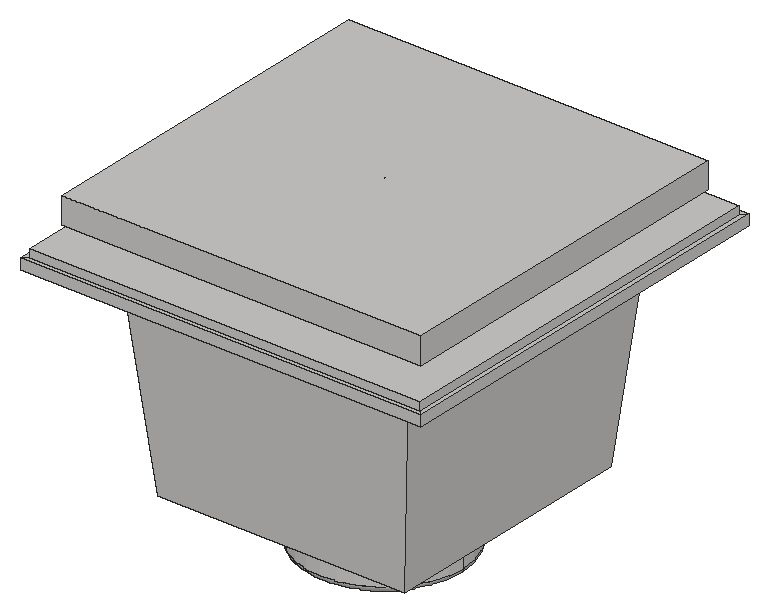
Revit family (continued)
Automatic sketch dimensions
  curve 565 to curve 560 = 0.36111"
  curve 485 to curve 482 = 0.36111"  (x2)
  curve 297 to curve 268 = 0.36111"
  curve 317 to curve 288 = 0.36111"
  curve 262 to curve 262 = 1/2"
  curve 266 to curve 265 = 1/2"  (x2)
  curve 258 to curve 257 = 1/2"
  curve 483 to curve 484 = 1/2"
  curve 270 to curve 269 = 1/2"
  curve 558 to curve 557 = 1/2"
  curve 562 to curve 561 = 1/2"  (x2)
  curve 274 to curve 273 = 1/2"  (x2)
  curve 439 to curve 440 = 1/2"
  curve 614 to curve 613 = 1/2"
  curve 278 to curve 277 = 1/2"  (x2)
  curve 282 to curve 281 = 1/2"  (x2)
  curve 394 to curve 393 = 1/2"
  curve 287 to curve 288 = 1/2"
  curve 393 to curve 392 = 0.36111"
  curve 481 to curve 479 = 0.36111"
  curve 265 to curve 234 = 0.36111"  (x2)
  curve 257 to curve 228 = 0.36111"
  curve 285 to curve 256 = 0.36111"
  curve 269 to curve 238 = 0.36111"  (x2)
  curve 557 to curve 550 = 0.36111"  (x2)
  curve 281 to curve 252 = 0.36111"
  curve 437 to curve 436 = 0.36111"
  curve 561 to curve 554 = 0.36111"  (x2)
  curve 613 to curve 612 = 0.36111"
  curve 277 to curve 248 = 0.36111"
  curve 273 to curve 242 = 0.36111"  (x2)
  curve 246 to curve 245 = 1/2"
  curve 242 to curve 242 = 1/2"
  curve 239 to curve 240 = 1/2"
  curve 610 to curve 609 = 1/2"  (x2)
  curve 555 to curve 556 = 1/2"
  curve 250 to curve 249 = 1/2"
  curve 434 to curve 433 = 1/2"
  curve 226 to curve 225 = 1/2"
  curve 551 to curve 552 = 1/2"
  curve 254 to curve 253 = 1/2"  (x2)
  curve 235 to curve 236 = 1/2"
  curve 230 to curve 229 = 1/2"
  curve 390 to curve 389 = 1/2"  (x2)
  curve 479 to curve 480 = 1/2"
  curve 245 to curve 216 = 0.36111"
  curve 549 to curve 542 = 0.36111"  (x2)
  curve 237 to curve 206 = 0.36111"
  curve 609 to curve 608 = 0.36111"
  curve 253 to curve 224 = 0.36111"
  curve 553 to curve 546 = 0.36111"  (x2)
  curve 225 to curve 194 = 0.36111"  (x2)
  curve 229 to curve 200 = 0.36111"
  curve 477 to curve 474 = 0.36111"  (x2)
  curve 249 to curve 218 = 0.36111"
  curve 222 to curve 221 = 1/2"  (x2)
  curve 219 to curve 220 = 1/2"
  curve 195 to curve 196 = 1/2"
  curve 475 to curve 476 = 1/2"
  curve 198 to curve 197 = 1/2"
  curve 386 to curve 386 = 1/2"
  curve 202 to curve 201 = 1/2"  (x2)
  curve 214 to curve 214 = 1/2"
  curve 547 to curve 548 = 1/2"
  curve 211 to curve 212 = 1/2"
  curve 542 to curve 541 = 1/2"
  curve 606 to curve 605 = 1/2"
  curve 207 to curve 208 = 1/2"
  curve 431 to curve 432 = 1/2"
  curve 205 to curve 176 = 0.36111"
  curve 429 to curve 428 = 0.36111"
  curve 193 to curve 162 = 0.36111"
  curve 213 to curve 182 = 0.36111"
  curve 473 to curve 472 = 0.36111"
  curve 197 to curve 166 = 0.36111"
  curve 385 to curve 384 = 0.36111"
  curve 221 to curve 192 = 0.36111"
  curve 217 to curve 186 = 0.36111"
  curve 545 to curve 540 = 0.36111"
  curve 541 to curve 534 = 0.36111"
  curve 538 to curve 537 = 1/2"
  curve 535 to curve 536 = 1/2"
  curve 190 to curve 190 = 1/2"
  curve 603 to curve 604 = 1/2"
  curve 187 to curve 188 = 1/2"
  curve 183 to curve 184 = 1/2"
  curve 470 to curve 469 = 1/2"
  curve 174 to curve 173 = 1/2"
  curve 382 to curve 382 = 1/2"
  curve 171 to curve 172 = 1/2"
  curve 167 to curve 168 = 1/2"
  curve 163 to curve 164 = 1/2"
  curve 179 to curve 180 = 1/2"
  curve 426 to curve 425 = 1/2"
  curve 165 to curve 136 = 0.36111"  (x2)
  curve 381 to curve 380 = 0.36111"
  curve 189 to curve 158 = 0.36111"
  curve 425 to curve 424 = 0.36111"
  curve 161 to curve 132 = 0.36111"  (x2)
  curve 169 to curve 140 = 0.36111"  (x2)
  curve 173 to curve 142 = 0.36111"
  curve 537 to curve 532 = 0.36111"
  curve 185 to curve 156 = 0.36111"  (x2)
  curve 177 to curve 146 = 0.36111"
  curve 181 to curve 152 = 0.36111"
  curve 601 to curve 600 = 0.36111"
  curve 533 to curve 526 = 0.36111"
  curve 469 to curve 468 = 0.36111"
  curve 466 to curve 466 = 1/2"  (x2)
  curve 530 to curve 529 = 1/2"
  curve 150 to curve 149 = 1/2"  (x2)
  curve 527 to curve 528 = 1/2"  (x2)
  curve 138 to curve 138 = 1/2"
  curve 598 to curve 597 = 1/2"
  curve 159 to curve 160 = 1/2"
  curve 147 to curve 148 = 1/2"
  curve 154 to curve 153 = 1/2"  (x2)
  curve 143 to curve 144 = 1/2"
  curve 378 to curve 378 = 1/2"  (x2)
  curve 130 to curve 129 = 1/2"  (x2)
  curve 422 to curve 421 = 1/2"
  curve 134 to curve 133 = 1/2"  (x2)
  curve 377 to curve 376 = 0.36111"
  curve 129 to curve 98 = 0.36111"
  curve 597 to curve 596 = 0.36111"
  curve 465 to curve 462 = 0.36111"
  curve 157 to curve 127 = 0.36111"  (x2)
  curve 153 to curve 124 = 0.36111"
  curve 133 to curve 102 = 0.36111"
  curve 149 to curve 120 = 0.36111"
  curve 137 to curve 106 = 0.36111"
  curve 145 to curve 116 = 0.36111"
  curve 141 to curve 110 = 0.36111"  (x2)
  curve 529 to curve 524 = 0.36111"
  curve 525 to curve 518 = 0.36111"
  curve 522 to curve 521 = 1/2"
  curve 518 to curve 518 = 1/2"
  curve 115 to curve 113 = 1/2"
  curve 111 to curve 112 = 1/2"  (x2)
  curve 118 to curve 117 = 1/2"  (x2)
  curve 107 to curve 108 = 1/2"
  curve 419 to curve 420 = 1/2"
  curve 103 to curve 104 = 1/2"  (x2)
  curve 122 to curve 121 = 1/2"
  curve 374 to curve 373 = 1/2"  (x2)
  curve 126 to curve 125 = 1/2"
  curve 463 to curve 464 = 1/2"  (x2)
  curve 594 to curve 593 = 1/2"  (x2)
  curve 99 to curve 100 = 1/2"  (x2)
  curve 521 to curve 516 = 0.36111"
  curve 121 to curve 91 = 0.36111"  (x2)
  curve 117 to curve 86 = 0.36111"
  curve 125 to curve 94 = 0.36111"
  curve 113 to curve 84 = 0.36111"  (x2)
  curve 461 to curve 458 = 0.36111"
  curve 109 to curve 80 = 0.36111"  (x2)
  curve 373 to curve 372 = 0.36111"
  curve 593 to curve 592 = 0.36111"  (x2)
  curve 97 to curve 68 = 0.36111"
  curve 517 to curve 510 = 0.36111"
  curve 105 to curve 76 = 0.36111"  (x2)
  curve 101 to curve 72 = 0.36111"
  curve 66 to curve 65 = 1/2"  (x2)
  curve 87 to curve 88 = 1/2"
  curve 515 to curve 516 = 1/2"
  curve 70 to curve 70 = 1/2"
  curve 74 to curve 73 = 1/2"  (x2)
  curve 511 to curve 512 = 1/2"
  curve 78 to curve 77 = 1/2"  (x2)
  curve 590 to curve 589 = 1/2"  (x2)
  curve 370 to curve 369 = 1/2"  (x2)
  curve 415 to curve 416 = 1/2"
  curve 459 to curve 460 = 1/2"
  curve 82 to curve 81 = 1/2"  (x2)
  curve 95 to curve 96 = 1/2"
  curve 91 to curve 92 = 1/2"
  curve 93 to curve 32 = 0.36111"
  curve 513 to curve 499 = 0.36111"
  curve 509 to curve 496 = 0.36111"
  curve 589 to curve 584 = 0.36111"
  curve 89 to curve 28 = 0.36111"
  curve 77 to curve 16 = 0.36111"  (x2)
  curve 65 to curve 2 = 0.36111"
  curve 73 to curve 12 = 0.36111"  (x2)
  curve 81 to curve 18 = 0.36111"
  curve 457 to curve 452 = 0.36111"
  curve 69 to curve 6 = 0.36111"
  curve 85 to curve 22 = 0.36111"
  curve 413 to curve 406 = 0.36111"
  curve 407 to curve 408 = 1/2"
  curve 23 to curve 24 = 1/2"
  curve 10 to curve 9 = 1/2"  (x2)
  curve 450 to curve 449 = 1/2"  (x2)
  curve 7 to curve 8 = 1/2"
  curve 582 to curve 581 = 1/2"
  curve 19 to curve 20 = 1/2"
  curve 27 to curve 25 = 1/2"
  curve 494 to curve 493 = 1/2"
  curve 363 to curve 364 = 1/2"  (x2)
  curve 14 to curve 13 = 1/2"  (x2)
  curve 3 to curve 4 = 1/2"
  curve 30 to curve 29 = 1/2"  (x2)
  curve 498 to curve 497 = 1/2"
  curve 449 to curve 492 = 0.36111"
  curve 17 to curve 346 = 0.36111"  (x2)
  curve 405 to curve 448 = 0.36111"
  curve 13 to curve 344 = 0.36111"
  curve 493 to curve 574 = 0.36111"
  curve 9 to curve 340 = 0.36111"  (x2)
  curve 497 to curve 578 = 0.36111"
  curve 361 to curve 404 = 0.36111"  (x2)
  curve 29 to curve 360 = 0.36111"
  curve 581 to curve 622 = 0.36111"
  curve 25 to curve 356 = 0.36111"
  curve 5 to curve 336 = 0.36111"
  curve 335 to curve 333 = 1/2"
  curve 331 to curve 332 = 1/2"  (x2)
  curve 338 to curve 337 = 1/2"
  curve 579 to curve 580 = 1/2"
  curve 342 to curve 341 = 1/2"
  curve 575 to curve 576 = 1/2"
  curve 346 to curve 345 = 1/2"
  curve 491 to curve 492 = 1/2"  (x2)
  curve 350 to curve 349 = 1/2"
  curve 447 to curve 448 = 1/2"  (x2)
  curve 354 to curve 353 = 1/2"
  curve 403 to curve 404 = 1/2"
  curve 359 to curve 360 = 1/2"  (x2)
  curve 622 to curve 621 = 1/2"  (x2)
  curve 349 to curve 680 = 0.36111"
  curve 357 to curve 686 = 0.36111"
  curve 345 to curve 676 = 0.36111"
  curve 401 to curve 726 = 0.36111"
  curve 341 to curve 672 = 0.36111"
  curve 621 to curve 788 = 0.36111"
  curve 337 to curve 668 = 0.36111"
  curve 577 to curve 772 = 0.36111"
  curve 333 to curve 664 = 0.36111"
  curve 573 to curve 768 = 0.36111"
  curve 329 to curve 660 = 0.36111"
  curve 489 to curve 752 = 0.36111"
  curve 750 to curve 749 = 1/2"
  curve 738 to curve 738 = 1/2"
  curve 658 to curve 657 = 1/2"
  curve 766 to curve 765 = 1/2"  (x2)
  curve 662 to curve 661 = 1/2"  (x2)
  curve 770 to curve 769 = 1/2"  (x2)
  curve 666 to curve 665 = 1/2"  (x2)
  curve 786 to curve 785 = 1/2"
  curve 670 to curve 669 = 1/2"
  curve 727 to curve 728 = 1/2"
  curve 674 to curve 673 = 1/2"
  curve 687 to curve 688 = 1/2"
  curve 678 to curve 677 = 1/2"
  curve 683 to curve 684 = 1/2"
  curve 673 to curve 644 = 0.36111"
  curve 657 to curve 626 = 0.36111"
  curve 737 to curve 735 = 0.36111"  (x2)
  curve 685 to curve 656 = 0.36111"
  curve 661 to curve 630 = 0.36111"  (x2)
  curve 681 to curve 652 = 0.36111"
  curve 665 to curve 634 = 0.36111"
  curve 765 to curve 758 = 0.36111"  (x2)
  curve 785 to curve 784 = 0.36111"
  curve 769 to curve 762 = 0.36111"  (x2)
  curve 677 to curve 648 = 0.36111"
  curve 647 to curve 645 = 1/2"
  curve 643 to curve 644 = 1/2"  (x2)
  curve 763 to curve 764 = 1/2"
  curve 782 to curve 781 = 1/2"  (x2)
  curve 759 to curve 760 = 1/2"
  curve 639 to curve 640 = 1/2"  (x2)
  curve 650 to curve 649 = 1/2"
  curve 635 to curve 636 = 1/2"  (x2)
  curve 747 to curve 748 = 1/2"
  curve 723 to curve 724 = 1/2"
  curve 654 to curve 653 = 1/2"
  curve 631 to curve 632 = 1/2"  (x2)
  curve 735 to curve 736 = 1/2"
  curve 627 to curve 628 = 1/2"  (x2)
  curve 733 to curve 742 = 0.36111"
  curve 625 to curve 690 = 0.36111"  (x2)
  curve 745 to curve 754 = 0.36111"
  curve 629 to curve 694 = 0.36111"  (x2)
  curve 633 to curve 698 = 0.36111"
  curve 637 to curve 702 = 0.36111"
  curve 781 to curve 790 = 0.36111"
  curve 641 to curve 706 = 0.36111"  (x2)
  curve 721 to curve 732 = 0.36111"
  curve 645 to curve 710 = 0.36111"  (x2)
  curve 653 to curve 720 = 0.36111"  (x2)
  curve 649 to curve 716 = 0.36111"
  curve 715 to curve 713 = 1/2"
  curve 742 to curve 741 = 1/2"  (x2)
  curve 691 to curve 689 = 1/2"
  curve 718 to curve 717 = 1/2"
  curve 694 to curve 693 = 1/2"
  curve 730 to curve 729 = 1/2"  (x2)
  curve 711 to curve 712 = 1/2"  (x2)
  curve 791 to curve 792 = 1/2"
  curve 707 to curve 708 = 1/2"
  curve 779 to curve 780 = 1/2"
  curve 703 to curve 704 = 1/2"
  curve 775 to curve 776 = 1/2"
  curve 699 to curve 700 = 1/2"
  curve 755 to curve 756 = 1/2"
  curve 753 to curve 326 = 0.87284"
  curve 325 to curve 321 = 0.45851"
  curve 941 to curve 935 = 0.36111"
  curve 871 to curve 871 = 1/2"
  curve 878 to curve 879 = 1/2"  (x2)
  curve 887 to curve 887 = 1/2"
  curve 898 to curve 900 = 1/2"
  curve 923 to curve 327 = 0.80115"
  curve 326 to curve 911 = 2.19954"
  curve 898 to curve 910 = 1.07143"
  curve 888 to curve 898 = 1.64286"
  curve 922 to curve 911 = 0.57143"
  curve 884 to curve 886 = 0.57143"
  curve 880 to curve 882 = 0.57143"
  curve 327 to curve 948 = 3.25654"
  curve 944 to curve 946 = 0.57143"
  curve 875 to curve 878 = 1.07143"
  curve 872 to curve 874 = 0.57143"
  curve 868 to curve 870 = 0.57143"
  curve 864 to curve 898 = 0.57143"
  curve 860 to curve 866 = 0.57143"
  curve 958 to curve 942 = 1.07143"
  curve 322 to plane 3 "Center (Left/Right)" = 8.08773"
  curve 322 to curve 328 = 83/256"
  curve 327 to curve 959 = 0.56106"
  curve 955 to curve 957 = 0"
  curve 585 to curve 953 = 0"
  curve 951 to curve 953 = 0"
  curve 589 to curve 582 = 0"
  curve 593 to curve 590 = 0"
  curve 597 to curve 594 = 0"
  curve 601 to curve 598 = 0"
  curve 605 to curve 602 = 0"
  curve 609 to curve 606 = 0"
  curve 613 to curve 610 = 0"
  curve 617 to curve 614 = 0"
  curve 618 to curve 585 = 0"
  curve 622 to curve 581 = 0"
  curve 785 to curve 782 = 0"
  curve 786 to curve 621 = 0"
  curve 789 to curve 781 = 0"
  curve 956 to curve 957 = 0"
  curve 606 to curve 608 = 1/2"
  curve 612 to curve 608 = 0"
  curve 613 to curve 611 = 0"
  curve 790 to curve 792 = 1/2"
  curve 617 to curve 615 = 0"
  curve 604 to curve 605 = 0"
  curve 786 to curve 788 = 1/2"
  curve 784 to curve 785 = 0"
  curve 621 to curve 787 = 0"
  curve 600 to curve 601 = 0"
  curve 596 to curve 597 = 0"
  curve 592 to curve 593 = 0"
  curve 586 to curve 588 = 1/2"
  curve 949 to curve 587 = 0"
  curve 951 to curve 956 = 0"
  curve 584 to curve 589 = 0"
  curve 574 to curve 767 = 0"
  curve 559 to curve 565 = 0"
  curve 759 to curve 765 = 0"
  curve 551 to curve 557 = 0"
  curve 774 to curve 758 = 0"
  curve 543 to curve 549 = 0"
  curve 535 to curve 541 = 0"
  curve 527 to curve 533 = 0"
  curve 519 to curve 525 = 0"
  curve 511 to curve 517 = 0"
  curve 927 to curve 933 = 0"
  curve 934 to curve 941 = 0"
  curve 503 to curve 926 = 0"
  curve 502 to curve 566 = 0"
  curve 495 to curve 509 = 0"
  curve 494 to curve 574 = 0"
  curve 941 to curve 935 = 0"
  curve 544 to curve 552 = 0"
  curve 942 to curve 943 = 1/2"
  curve 509 to curve 495 = 0"
  curve 557 to curve 551 = 0"
  curve 536 to curve 541 = 0"
  curve 525 to curve 519 = 0"
  curve 501 to curve 501 = 1/2"
  curve 565 to curve 559 = 0"
  curve 567 to curve 501 = 0"
  curve 503 to curve 925 = 0"
  curve 757 to curve 775 = 0"
  curve 527 to curve 536 = 0"
  curve 512 to curve 517 = 0"
  curve 575 to curve 493 = 0"
  curve 768 to curve 573 = 0"
  curve 769 to curve 762 = 0"
  curve 770 to curve 577 = 0"
  curve 779 to curve 761 = 0"
  curve 943 to curve 947 = 0.57143"
  curve 523 to curve 529 = 0"
  curve 537 to curve 530 = 0"
  curve 563 to curve 569 = 0"
  curve 499 to curve 513 = 0"
  curve 498 to curve 578 = 0"
  curve 555 to curve 561 = 0"
  curve 514 to curve 521 = 0"
  curve 939 to curve 945 = 0"
  curve 938 to curve 930 = 0"
  curve 545 to curve 538 = 0"
  curve 546 to curve 553 = 0"
  curve 553 to curve 548 = 0"
  curve 540 to curve 545 = 0"
  curve 770 to curve 772 = 1/2"
  curve 561 to curve 555 = 0"
  curve 569 to curve 563 = 0"
  curve 571 to curve 508 = 0"
  curve 532 to curve 537 = 0"
  curve 577 to curve 771 = 0"
  curve 764 to curve 769 = 0"
  curve 946 to curve 948 = 1/2"
  curve 498 to curve 500 = 1/2"
  curve 513 to curve 500 = 0"
  curve 524 to curve 529 = 0"
  curve 930 to curve 931 = 1/2"
  curve 932 to curve 507 = 0"
  curve 940 to curve 945 = 0"
  curve 516 to curve 521 = 0"
  curve 505 to curve 34 = 0.57143"
  curve 793 to curve 34 = 0"
  curve 163 to curve 193 = 0"
  curve 131 to curve 161 = 0"
  curve 825 to curve 794 = 0"
  curve 225 to curve 194 = 0"
  curve 627 to curve 657 = 0"
  curve 626 to curve 690 = 0"
  curve 97 to curve 66 = 0"
  curve 98 to curve 129 = 0"
  curve 857 to curve 826 = 0"
  curve 331 to curve 1 = 0"
  curve 330 to curve 658 = 0"
  curve 3 to curve 65 = 0"
  curve 291 to curve 33 = 0"
  curve 259 to curve 289 = 0"
  curve 258 to curve 226 = 0"
  curve 226 to curve 228 = 1/2"
  curve 130 to curve 132 = 1/2"
  curve 332 to curve 1 = 0"
  curve 659 to curve 329 = 0"
  curve 796 to curve 825 = 0"
  curve 65 to curve 3 = 0"
  curve 257 to curve 227 = 0"
  curve 161 to curve 131 = 0"
  curve 33 to curve 33 = 1/2"
  curve 35 to curve 793 = 0"
  curve 857 to curve 827 = 0"
  curve 292 to curve 33 = 0"
  curve 100 to curve 129 = 0"
  curve 689 to curve 689 = 1/2"
  curve 628 to curve 657 = 0"
  curve 196 to curve 225 = 0"
  curve 633 to curve 698 = 0"
  curve 339 to curve 9 = 0"
  curve 106 to curve 137 = 0"
  curve 233 to curve 202 = 0"
  curve 266 to curve 234 = 0"
  curve 802 to curve 42 = 0"
  curve 297 to curve 266 = 0"
  curve 665 to curve 634 = 0"
  curve 298 to curve 41 = 0"
  curve 666 to curve 337 = 0"
  curve 833 to curve 802 = 0"
  curve 834 to curve 865 = 0"
  curve 75 to curve 105 = 0"
  curve 171 to curve 201 = 0"
  curve 170 to curve 138 = 0"
  curve 73 to curve 10 = 0"
  curve 201 to curve 204 = 1/2"
  curve 634 to curve 635 = 1/2"
  curve 169 to plane 1 "Center (Front/Back)" = 0.22889"
  curve 666 to curve 668 = 1/2"
  curve 171 to curve 204 = 0"
  curve 106 to curve 108 = 1/2"
  curve 801 to curve 44 = 0"
  curve 300 to curve 44 = 0"
  curve 234 to curve 236 = 1/2"
  curve 265 to curve 235 = 0"
  curve 12 to curve 73 = 0"
  curve 267 to curve 297 = 0"
  curve 803 to curve 833 = 0"
  curve 140 to curve 169 = 0"
  curve 865 to curve 835 = 0"
  curve 337 to curve 667 = 0"
  curve 339 to curve 12 = 0"
  curve 700 to curve 633 = 0"
  curve 633 to curve 638 = 0.57143"
  curve 13 to curve 342 = 0"
  curve 237 to curve 207 = 0"
  curve 669 to curve 638 = 0"
  curve 837 to curve 806 = 0"
  curve 670 to curve 341 = 0"
  curve 46 to curve 805 = 0"
  curve 269 to curve 238 = 0"
  curve 111 to curve 141 = 0"
  curve 270 to curve 301 = 0"
  curve 175 to curve 205 = 0"
  curve 174 to curve 142 = 0"
  curve 702 to curve 637 = 0"
  curve 303 to curve 45 = 0"
  curve 77 to curve 14 = 0"
  curve 78 to curve 109 = 0"
  curve 870 to curve 838 = 0"
  curve 301 to curve 301 = 1/2"
  curve 870 to curve 871 = 1/2"
  curve 702 to curve 704 = 1/2"
  curve 173 to curve 144 = 0"
  curve 840 to curve 869 = 0"
  curve 272 to curve 301 = 0"
  curve 109 to curve 79 = 0"
  curve 111 to curve 144 = 0"
  curve 205 to curve 175 = 0"
  curve 46 to curve 48 = 1/2"
  curve 207 to curve 237 = 0"
  curve 16 to curve 77 = 0"
  curve 808 to curve 837 = 0"
  curve 341 to curve 671 = 0"
  curve 637 to curve 703 = 0"
  curve 343 to curve 13 = 0"
  curve 639 to curve 669 = 0"
  curve 673 to curve 642 = 0"
  curve 242 to curve 210 = 0"
  curve 706 to curve 641 = 0"
  curve 273 to curve 242 = 0"
  curve 82 to curve 18 = 0"
  curve 179 to curve 209 = 0"
  curve 113 to curve 82 = 0"
  curve 305 to curve 274 = 0"
  curve 306 to curve 49 = 0"
  curve 347 to curve 17 = 0"
  curve 346 to curve 674 = 0"
  curve 809 to curve 50 = 0"
  curve 843 to curve 873 = 0"
  curve 147 to curve 177 = 0"
  curve 146 to curve 114 = 0"
  curve 841 to curve 810 = 0"
  curve 812 to plane 3 "Center (Left/Right)" = 0.27387"
  curve 147 to plane 3 "Center (Left/Right)" = 0.27387"
  curve 843 to plane 3 "Center (Left/Right)" = 0.27387"
  curve 308 to plane 3 "Center (Left/Right)" = 0.27387"
  curve 345 to plane 3 "Center (Left/Right)" = 0.27387"
  curve 116 to plane 3 "Center (Left/Right)" = 0.27387"
  curve 873 to plane 3 "Center (Left/Right)" = 0.27387"
  curve 49 to plane 3 "Center (Left/Right)" = 0.27387"
  curve 179 to plane 3 "Center (Left/Right)" = 0.27387"
  curve 276 to plane 3 "Center (Left/Right)" = 0.27387"
  curve 81 to plane 3 "Center (Left/Right)" = 0.27387"
  curve 708 to plane 3 "Center (Left/Right)" = 0.27387"
  curve 20 to plane 3 "Center (Left/Right)" = 0.27387"
  curve 676 to plane 3 "Center (Left/Right)" = 0.27387"
  curve 209 to plane 3 "Center (Left/Right)" = 0.27387"
  curve 644 to plane 3 "Center (Left/Right)" = 0.27387"
  curve 244 to plane 3 "Center (Left/Right)" = 0.27387"
  plane 3 "Center (Left/Right)" to curve 878 = 0.29756"
  plane 3 "Center (Left/Right)" to curve 246 = 0.29756"
  plane 3 "Center (Left/Right)" to curve 277 = 0.29756"
  plane 3 "Center (Left/Right)" to curve 846 = 0.29756"
  plane 3 "Center (Left/Right)" to curve 87 = 0.29756"
  plane 3 "Center (Left/Right)" to curve 150 = 0.29756"
  plane 3 "Center (Left/Right)" to curve 310 = 0.29756"
  plane 3 "Center (Left/Right)" to curve 351 = 0.29756"
  plane 3 "Center (Left/Right)" to curve 647 = 0.29756"
  plane 3 "Center (Left/Right)" to curve 813 = 0.29756"
  plane 3 "Center (Left/Right)" to curve 55 = 0.29756"
  plane 3 "Center (Left/Right)" to curve 677 = 0.29756"
  plane 3 "Center (Left/Right)" to curve 182 = 0.29756"
  plane 3 "Center (Left/Right)" to curve 119 = 0.29756"
  plane 3 "Center (Left/Right)" to curve 215 = 0.29756"
  plane 3 "Center (Left/Right)" to curve 710 = 0.29756"
  plane 3 "Center (Left/Right)" to curve 23 = 0.29756"
  curve 21 to curve 21 = 1/2"
  curve 646 to curve 648 = 1/2"
  curve 88 to curve 23 = 0"
  curve 352 to curve 21 = 0"
  curve 712 to curve 648 = 0"
  curve 215 to curve 245 = 0"
  curve 119 to curve 149 = 0"
  curve 247 to curve 280 = 0"
  curve 150 to curve 151 = 1/2"
  curve 309 to curve 279 = 0"
  curve 311 to curve 53 = 0"
  curve 184 to curve 213 = 0"
  curve 54 to curve 56 = 1/2"
  curve 680 to curve 349 = 0"
  curve 813 to curve 56 = 0"
  curve 816 to curve 845 = 0"
  curve 818 to curve 850 = 0"
  curve 57 to curve 315 = 0"
  curve 58 to curve 817 = 0"
  curve 185 to plane 1 "Center (Front/Back)" = 0.22889"
  curve 250 to curve 219 = 0"
  curve 155 to curve 185 = 0"
  curve 154 to curve 123 = 0"
  curve 122 to curve 91 = 0"
  curve 218 to curve 186 = 0"
  curve 283 to curve 313 = 0"  (x2)
  curve 282 to curve 250 = 0"
  curve 353 to curve 682 = 0"
  curve 27 to curve 89 = 0"
  curve 649 to curve 714 = 0"
  curve 650 to curve 681 = 0"
  curve 882 to curve 850 = 0"
  curve 26 to curve 354 = 0"
  curve 882 to curve 883 = 1/2"
  curve 58 to curve 59 = 1/2"
  curve 681 to curve 651 = 0"
  curve 124 to curve 153 = 0"
  curve 185 to curve 155 = 0"
  curve 186 to curve 187 = 1/2"
  curve 713 to curve 713 = 1/2"
  curve 715 to curve 649 = 0"
  curve 356 to curve 25 = 0"
  curve 217 to curve 187 = 0"
  curve 849 to curve 819 = 0"
  curve 252 to curve 281 = 0"
  curve 851 to curve 881 = 0"
  curve 89 to curve 27 = 0"
  curve 91 to curve 121 = 0"
  curve 94 to curve 30 = 0"
  curve 353 to curve 358 = 0.57143"
  plane 1 "Center (Front/Back)" to curve 191 = 0.27111"
  curve 190 to curve 159 = 0"
  curve 687 to curve 357 = 0"
  curve 63 to curve 822 = 0"
  curve 62 to curve 318 = 0"
  curve 854 to curve 822 = 0"
  curve 221 to curve 190 = 0"
  curve 222 to curve 253 = 0"
  curve 287 to curve 317 = 0"
  curve 286 to curve 254 = 0"
  curve 883 to curve 887 = 0.57143"
  curve 125 to curve 94 = 0"
  curve 886 to curve 854 = 0"
  curve 126 to curve 157 = 0"
  curve 655 to curve 685 = 0"
  curve 654 to curve 718 = 0"
  curve 189 to plane 1 "Center (Front/Back)" = 0.22889"
  curve 189 to curve 189 = 1/2"
  curve 718 to curve 719 = 1/2"
  curve 653 to curve 719 = 0"
  curve 29 to curve 29 = 1/2"
  curve 255 to curve 285 = 0"
  curve 157 to curve 127 = 0"
  curve 192 to curve 221 = 0"
  curve 159 to curve 189 = 0"
  curve 855 to curve 885 = 0"
  curve 359 to curve 29 = 0"
  curve 256 to curve 223 = 0"
  curve 320 to curve 287 = 0"
  curve 62 to curve 63 = 1/2"
  curve 821 to curve 63 = 0"
  curve 824 to curve 853 = 0"
  curve 688 to curve 357 = 0"
  curve 32 to curve 93 = 0"
  curve 319 to curve 294 = 0.57143"
  curve 263 to curve 294 = 0"
  curve 37 to curve 294 = 0"
  curve 69 to curve 7 = 0"
  curve 38 to curve 798 = 0"
  curve 694 to curve 629 = 0"
  curve 829 to curve 798 = 0"
  curve 6 to curve 334 = 0"
  curve 102 to curve 70 = 0"
  plane 1 "Center (Front/Back)" to curve 167 = 0.27111"
  curve 663 to curve 333 = 0"
  curve 662 to curve 630 = 0"
  curve 197 to curve 166 = 0"
  curve 198 to curve 229 = 0"
  curve 133 to curve 102 = 0"
  curve 134 to curve 165 = 0"
  curve 262 to curve 230 = 0"
  curve 861 to curve 830 = 0"
  curve 70 to curve 72 = 1/2"
  curve 694 to curve 696 = 1/2"
  curve 797 to curve 797 = 1/2"
  curve 261 to curve 264 = 1/2"
  curve 799 to curve 829 = 0"
  curve 39 to curve 797 = 0"
  curve 168 to curve 197 = 0"
  curve 296 to curve 37 = 0"
  curve 662 to curve 664 = 1/2"
  curve 136 to curve 165 = 0"
  curve 632 to curve 661 = 0"
  curve 333 to curve 663 = 0"
  curve 229 to curve 199 = 0"
  curve 231 to curve 264 = 0"
  curve 104 to curve 133 = 0"
  curve 8 to curve 69 = 0"
  curve 723 to curve 725 = 0"
  curve 722 to curve 730 = 0"
  curve 381 to curve 378 = 0"
  curve 375 to curve 377 = 0"
  curve 385 to curve 382 = 0"
  curve 371 to curve 373 = 0"
  curve 370 to curve 362 = 0"
  curve 389 to curve 386 = 0"
  curve 393 to curve 390 = 0"
  curve 397 to curve 394 = 0"
  curve 398 to curve 365 = 0"
  curve 401 to curve 726 = 0"
  curve 402 to curve 361 = 0"
  curve 889 to curve 366 = 0"
  curve 893 to curve 890 = 0"
  curve 897 to curve 894 = 0"
  curve 362 to curve 364 = 1/2"
  curve 369 to curve 363 = 0"
  curve 373 to curve 371 = 0"
  curve 377 to curve 375 = 0"
  curve 890 to curve 891 = 1/2"
  curve 892 to curve 367 = 0"
  curve 404 to curve 361 = 0"
  curve 400 to curve 365 = 0"
  curve 396 to curve 397 = 0"
  curve 392 to curve 393 = 0"
  curve 388 to curve 389 = 0"
  curve 384 to curve 385 = 0"
  curve 893 to curve 891 = 0"
  curve 895 to curve 900 = 0"
  curve 725 to curve 723 = 0"
  curve 727 to curve 401 = 0"
  curve 731 to curve 721 = 0"
  curve 737 to curve 734 = 0"
  curve 738 to curve 445 = 0"
  curve 399 to curve 443 = 0.57143"
  curve 742 to curve 734 = 0"
  curve 439 to curve 441 = 0"
  curve 435 to curve 437 = 0"
  curve 905 to curve 902 = 0"
  curve 431 to curve 433 = 0"
  curve 909 to curve 906 = 0"
  curve 427 to curve 429 = 0"
  curve 405 to curve 446 = 0"
  curve 423 to curve 425 = 0"
  curve 409 to curve 442 = 0"
  curve 410 to curve 901 = 0"
  curve 419 to curve 421 = 0"
  curve 413 to curve 406 = 0"
  curve 414 to curve 418 = 0"
  curve 417 to curve 416 = 0"
  curve 421 to curve 419 = 0"
  curve 408 to curve 413 = 0"
  curve 425 to curve 423 = 0"
  curve 910 to curve 911 = 1/2"
  curve 429 to curve 427 = 0"
  curve 908 to curve 909 = 0"
  curve 433 to curve 431 = 0"
  curve 904 to curve 905 = 0"
  curve 437 to curve 435 = 0"
  curve 438 to curve 439 = 1/2"
  curve 441 to curve 439 = 0"
  curve 443 to curve 409 = 0"
  curve 445 to curve 739 = 0"
  curve 736 to curve 737 = 0"
  curve 447 to curve 405 = 0"
  curve 409 to curve 453 = 0.57143"
  curve 485 to curve 482 = 0"
  curve 486 to curve 453 = 0"
  curve 445 to curve 489 = 0.57143"
  curve 490 to curve 449 = 0"
  curve 479 to curve 482 = 0"
  curve 475 to curve 477 = 0"
  curve 749 to curve 746 = 0"
  curve 471 to curve 473 = 0"
  curve 750 to curve 489 = 0"
  curve 467 to curve 469 = 0"
  curve 754 to curve 745 = 0"
  curve 913 to curve 454 = 0"
  curve 463 to curve 465 = 0"
  curve 917 to curve 914 = 0"
  curve 459 to curve 461 = 0"
  curve 921 to curve 918 = 0"
  curve 922 to curve 923 = 1/2"
  curve 920 to curve 921 = 0"
  curve 457 to curve 457 = 1/2"
  curve 916 to curve 917 = 0"
  curve 461 to curve 459 = 0"
  curve 465 to curve 463 = 0"
  curve 469 to curve 467 = 0"
  curve 748 to curve 749 = 0"
  curve 473 to curve 471 = 0"
  curve 477 to curve 475 = 0"
  curve 449 to curve 452 = 1/2"
  curve 456 to curve 913 = 0"
  curve 479 to curve 481 = 0"
  curve 492 to curve 452 = 0"
  curve 488 to curve 456 = 0"
  curve 923 to curve 327 = 0.54943"
  curve 326 to curve 323 = 83/256"
  plane 1 "Center (Front/Back)" to curve 541 = 0.63222"
  plane 1 "Center (Front/Back)" to curve 213 = 0.63222"
  plane 1 "Center (Front/Back)" to curve 476 = 0.63222"
  plane 1 "Center (Front/Back)" to curve 193 = 0.63222"
  curve 217 to curve 213 = 0"
  curve 212 to curve 213 = 0"
  plane 1 "Center (Front/Back)" to curve 388 = 0.63222"
  curve 221 to curve 191 = 0.36111"
  plane 1 "Center (Front/Back)" to curve 605 = 0.63222"
  curve 208 to curve 209 = 0"
  curve 204 to curve 205 = 0"
  plane 1 "Center (Front/Back)" to curve 432 = 0.63222"
  curve 548 to curve 193 = 0"
  curve 430 to curve 429 = 1/2"
  curve 220 to curve 217 = 1/2"
  curve 199 to curve 197 = 1/2"
  curve 196 to curve 193 = 1/2"
  curve 206 to curve 205 = 1/2"
  curve 607 to curve 605 = 1/2"
  curve 210 to curve 209 = 1/2"
  curve 214 to curve 213 = 1/2"
  curve 474 to curve 473 = 1/2"
  curve 548 to curve 545 = 1/2"
  curve 543 to curve 541 = 1/2"
  curve 387 to curve 385 = 1/2"
  curve 232 to curve 199 = 0.36111"
  curve 433 to curve 431 = 0.36111"
  curve 238 to curve 206 = 0.36111"
  curve 392 to curve 387 = 0.36111"
  curve 254 to curve 222 = 0.36111"
  curve 236 to curve 203 = 0.36111"
  curve 610 to curve 606 = 0.36111"
  curve 250 to curve 218 = 0.36111"
  curve 246 to curve 214 = 0.36111"
  curve 239 to curve 237 = 1/2"
  curve 555 to curve 553 = 1/2"
  curve 227 to curve 225 = 1/2"
  curve 551 to curve 549 = 1/2"
  curve 479 to curve 477 = 1/2"
  curve 243 to curve 241 = 1/2"
  curve 247 to curve 245 = 1/2"
  curve 231 to curve 229 = 1/2"
  curve 251 to curve 249 = 1/2"
  curve 234 to curve 233 = 1/2"
  curve 436 to curve 433 = 1/2"
  curve 257 to curve 226 = 0.36111"
  curve 393 to curve 390 = 0.36111"
  curve 484 to curve 479 = 0.36111"
  curve 440 to curve 435 = 0.36111"
  curve 261 to curve 230 = 0.36111"
  curve 616 to curve 611 = 0.36111"
  curve 285 to curve 254 = 0.36111"
  curve 271 to curve 269 = 1/2"
  curve 259 to curve 257 = 1/2"
  curve 559 to curve 557 = 1/2"
  curve 438 to curve 437 = 1/2"
  curve 262 to curve 261 = 1/2"
  curve 615 to curve 613 = 1/2"
  curve 484 to curve 481 = 1/2"
  curve 395 to curve 393 = 1/2"
  curve 287 to curve 285 = 1/2"
  curve 314 to curve 282 = 0.36111"
  curve 565 to curve 558 = 0.36111"
  curve 397 to curve 394 = 0.36111"
  curve 289 to curve 258 = 0.36111"
  curve 317 to curve 286 = 0.36111"
  curve 442 to curve 438 = 0.36111"
  curve 297 to curve 266 = 0.36111"
  curve 301 to curve 270 = 0.36111"
  curve 617 to curve 615 = 0.36111"
  curve 399 to curve 397 = 1/2"
  curve 572 to curve 569 = 1/2"
  curve 312 to curve 309 = 1/2"
  curve 320 to curve 317 = 1/2"
  curve 442 to curve 441 = 1/2"
  curve 568 to curve 565 = 1/2"
  curve 316 to curve 313 = 1/2"
  curve 290 to curve 289 = 1/2"
  curve 294 to curve 293 = 1/2"
  curve 298 to curve 297 = 1/2"
  curve 486 to curve 485 = 1/2"
  curve 302 to curve 301 = 1/2"
  curve 306 to curve 305 = 1/2"
  curve 618 to curve 617 = 1/2"
  curve 62 to curve 318 = 0.36111"
  curve 506 to curve 570 = 0.36111"
  curve 504 to curve 567 = 0.36111"
  curve 58 to curve 314 = 0.36111"
  curve 56 to curve 311 = 0.36111"
  curve 454 to curve 486 = 0.36111"
  curve 412 to curve 443 = 0.36111"
  curve 50 to curve 306 = 0.36111"
  curve 48 to curve 303 = 0.36111"
  curve 44 to curve 299 = 0.36111"
  curve 34 to curve 290 = 0.36111"
  curve 40 to curve 295 = 0.36111"
  curve 508 to curve 505 = 1/2"
  curve 367 to curve 365 = 1/2"
  curve 39 to curve 37 = 1/2"
  curve 34 to curve 33 = 1/2"
  curve 42 to curve 41 = 1/2"
  curve 587 to curve 585 = 1/2"
  curve 46 to curve 45 = 1/2"
  curve 411 to curve 409 = 1/2"
  curve 50 to curve 49 = 1/2"
  curve 54 to curve 53 = 1/2"
  curve 455 to curve 453 = 1/2"
  curve 58 to curve 57 = 1/2"
  curve 503 to curve 501 = 1/2"
  curve 62 to curve 61 = 1/2"
  curve 821 to curve 62 = 0.36111"
  curve 801 to curve 42 = 0.36111"
  curve 902 to curve 410 = 0.36111"
  curve 890 to curve 366 = 0.36111"
  curve 952 to curve 587 = 0.36111"
  curve 818 to curve 58 = 0.36111"
  curve 814 to curve 54 = 0.36111"
  curve 812 to curve 51 = 0.36111"
  curve 808 to curve 47 = 0.36111"
  curve 800 to curve 39 = 0.36111"
  curve 796 to curve 35 = 0.36111"
  curve 932 to curve 507 = 0.36111"
  curve 904 to curve 901 = 1/2"
  curve 815 to curve 813 = 1/2"
  curve 931 to curve 929 = 1/2"
  curve 823 to curve 821 = 1/2"
  curve 914 to curve 913 = 1/2"
  curve 892 to curve 889 = 1/2"
  curve 927 to curve 925 = 1/2"
  curve 951 to curve 949 = 1/2"
  curve 807 to curve 805 = 1/2"
  curve 820 to curve 817 = 1/2"
  curve 811 to curve 809 = 1/2"
  curve 849 to curve 819 = 0.36111"
  curve 834 to curve 802 = 0.36111"
  curve 837 to curve 806 = 0.36111"
  curve 938 to curve 930 = 0.36111"
  curve 841 to curve 810 = 0.36111"
  curve 830 to curve 798 = 0.36111"
  curve 936 to curve 927 = 0.36111"
  curve 920 to curve 915 = 0.36111"
  curve 826 to curve 794 = 0.36111"
  curve 854 to curve 822 = 0.36111"
  curve 908 to curve 903 = 0.36111"
  curve 848 to curve 845 = 1/2"
  curve 855 to curve 853 = 1/2"
  curve 955 to curve 953 = 1/2"
  curve 895 to curve 893 = 1/2"
  curve 843 to curve 841 = 1/2"
  curve 827 to curve 825 = 1/2"
  curve 919 to curve 917 = 1/2"
  curve 934 to curve 933 = 1/2"
  curve 831 to curve 829 = 1/2"
  curve 840 to curve 837 = 1/2"
  curve 835 to curve 833 = 1/2"
  curve 938 to curve 937 = 1/2"
  curve 945 to curve 939 = 0.36111"
  curve 942 to curve 934 = 0.36111"
  curve 874 to curve 842 = 0.36111"
  curve 870 to curve 838 = 0.36111"
  curve 866 to curve 834 = 0.36111"
  curve 885 to curve 854 = 0.36111"
  curve 864 to curve 831 = 0.36111"
  curve 924 to curve 919 = 0.36111"
  curve 860 to curve 827 = 0.36111"
  curve 912 to curve 907 = 0.36111"
  curve 900 to curve 897 = 1/2"
  curve 960 to curve 957 = 1/2"
  curve 876 to curve 873 = 1/2"
  curve 863 to curve 861 = 1/2"
  curve 866 to curve 865 = 1/2"
  curve 870 to curve 869 = 1/2"
  curve 942 to curve 941 = 1/2"
  curve 878 to curve 877 = 1/2"
  curve 946 to curve 945 = 1/2"
  curve 882 to curve 881 = 1/2"
  curve 924 to curve 921 = 1/2"
  curve 327 to curve 958 = 0.58306"
  curve 322 to curve 327 = 83/256"
  plane 1 "Center (Front/Back)" to curve 539 = 0.27111"
  plane 1 "Center (Front/Back)" to curve 163 = 0.27111"
  plane 1 "Center (Front/Back)" to curve 535 = 0.27111"
  plane 1 "Center (Front/Back)" to curve 171 = 0.27111"
  plane 1 "Center (Front/Back)" to curve 602 = 0.27111"
  plane 1 "Center (Front/Back)" to curve 428 = 0.27111"
  plane 1 "Center (Front/Back)" to curve 179 = 0.27111"
  plane 1 "Center (Front/Back)" to curve 382 = 0.27111"
  plane 1 "Center (Front/Back)" to curve 175 = 0.27111"
  plane 1 "Center (Front/Back)" to curve 182 = 0.27111"
  plane 1 "Center (Front/Back)" to curve 471 = 0.27111"
  plane 1 "Center (Front/Back)" to curve 187 = 0.27111"
  curve 472 to plane 1 "Center (Front/Back)" = 0.22889"
  curve 182 to plane 1 "Center (Front/Back)" = 0.22889"
  curve 176 to plane 1 "Center (Front/Back)" = 0.22889"
  curve 180 to plane 1 "Center (Front/Back)" = 0.22889"
  curve 168 to plane 1 "Center (Front/Back)" = 0.22889"
  curve 538 to plane 1 "Center (Front/Back)" = 0.22889"
  curve 164 to plane 1 "Center (Front/Back)" = 0.22889"
  curve 536 to plane 1 "Center (Front/Back)" = 0.22889"
  curve 601 to plane 1 "Center (Front/Back)" = 0.22889"
  curve 428 to plane 1 "Center (Front/Back)" = 0.22889"
  curve 384 to plane 1 "Center (Front/Back)" = 0.22889"
  curve 173 to curve 144 = 0.36111"
  curve 189 to curve 159 = 0.36111"
  curve 469 to curve 466 = 0.36111"
  curve 181 to curve 151 = 0.36111"
  curve 533 to curve 527 = 0.36111"
  curve 425 to curve 423 = 0.36111"
  curve 177 to curve 148 = 0.36111"
  curve 147 to curve 145 = 1/2"
  curve 531 to curve 532 = 1/2"
  curve 423 to curve 424 = 1/2"
  curve 158 to curve 157 = 1/2"
  curve 138 to curve 137 = 1/2"
  curve 599 to curve 600 = 1/2"
  curve 142 to curve 141 = 1/2"
  curve 153 to curve 123 = 0.36111"
  curve 377 to curve 375 = 0.36111"
  curve 149 to curve 119 = 0.36111"
  curve 133 to curve 103 = 0.36111"
  curve 137 to curve 107 = 0.36111"
  curve 421 to curve 419 = 0.36111"
  curve 525 to curve 519 = 0.36111"
  curve 529 to curve 523 = 0.36111"
  curve 597 to curve 595 = 0.36111"
  curve 114 to curve 113 = 1/2"
  curve 522 to curve 522 = 1/2"
  curve 127 to curve 128 = 1/2"
  curve 519 to curve 520 = 1/2"
  curve 418 to curve 417 = 1/2"
  curve 106 to curve 106 = 1/2"
  curve 123 to curve 124 = 1/2"
  curve 117 to curve 87 = 0.36111"
  curve 373 to curve 371 = 0.36111"
  curve 417 to curve 416 = 0.36111"
  curve 101 to curve 71 = 0.36111"
  curve 97 to curve 67 = 0.36111"
  curve 125 to curve 95 = 0.36111"
  curve 94 to curve 93 = 1/2"
  curve 90 to curve 90 = 1/2"
  curve 458 to curve 458 = 1/2"
  curve 70 to curve 69 = 1/2"
  curve 511 to curve 509 = 1/2"
  curve 514 to curve 513 = 1/2"
  curve 414 to curve 413 = 1/2"
  curve 86 to curve 85 = 1/2"
  curve 413 to curve 407 = 0.36111"
  curve 93 to curve 31 = 0.36111"
  curve 513 to curve 500 = 0.36111"
  curve 89 to curve 27 = 0.36111"
  curve 65 to curve 3 = 0.36111"
  curve 85 to curve 23 = 0.36111"
  curve 81 to curve 19 = 0.36111"
  curve 509 to curve 494 = 0.36111"
  curve 69 to curve 8 = 0.36111"
  curve 499 to curve 500 = 1/2"
  curve 7 to curve 5 = 1/2"
  curve 494 to curve 494 = 1/2"
  curve 406 to curve 405 = 1/2"
  curve 2 to curve 1 = 1/2"
  curve 18 to curve 17 = 1/2"
  curve 582 to curve 582 = 1/2"
  curve 22 to curve 21 = 1/2"
  curve 26 to curve 25 = 1/2"
  curve 405 to curve 446 = 0.36111"
  curve 13 to curve 343 = 0.36111"
  curve 25 to curve 355 = 0.36111"
  curve 497 to curve 580 = 0.36111"
  curve 5 to curve 335 = 0.36111"
  curve 493 to curve 575 = 0.36111"
  curve 449 to curve 491 = 0.36111"
  curve 29 to curve 359 = 0.36111"
  curve 339 to curve 340 = 1/2"
  curve 574 to curve 573 = 1/2"
  curve 578 to curve 577 = 1/2"
  curve 335 to curve 336 = 1/2"
  curve 355 to curve 356 = 1/2"
  curve 402 to curve 401 = 1/2"
  curve 351 to curve 352 = 1/2"
  curve 346 to curve 346 = 1/2"
  curve 342 to curve 342 = 1/2"
  curve 489 to curve 751 = 0.36111"
  curve 329 to curve 659 = 0.36111"
  curve 333 to curve 663 = 0.36111"
  curve 621 to curve 787 = 0.36111"
  curve 337 to curve 667 = 0.36111"
  curve 445 to curve 739 = 0.36111"
  curve 341 to curve 671 = 0.36111"
  curve 345 to curve 675 = 0.36111"
  curve 349 to curve 678 = 0.36111"
  curve 573 to curve 767 = 0.36111"
  curve 738 to curve 737 = 1/2"
  curve 659 to curve 660 = 1/2"
  curve 683 to curve 681 = 1/2"
  curve 678 to curve 678 = 1/2"
  curve 750 to curve 750 = 1/2"
  curve 786 to curve 786 = 1/2"
  curve 674 to curve 674 = 1/2"
  curve 726 to curve 725 = 1/2"
  curve 671 to curve 672 = 1/2"
  curve 686 to curve 686 = 1/2"
  curve 673 to curve 643 = 0.36111"
  curve 677 to curve 647 = 0.36111"
  curve 749 to curve 747 = 0.36111"
  curve 665 to curve 635 = 0.36111"
  curve 669 to curve 639 = 0.36111"
  curve 657 to curve 627 = 0.36111"
  curve 685 to curve 655 = 0.36111"
  curve 655 to curve 656 = 1/2"
  curve 651 to curve 652 = 1/2"
  curve 722 to curve 721 = 1/2"
  curve 647 to curve 648 = 1/2"
  curve 734 to curve 733 = 1/2"
  curve 746 to curve 745 = 1/2"
  curve 758 to curve 757 = 1/2"
  curve 762 to curve 761 = 1/2"
  curve 781 to curve 791 = 0.36111"
  curve 761 to curve 780 = 0.36111"
  curve 757 to curve 776 = 0.36111"
  curve 745 to curve 755 = 0.36111"
  curve 637 to curve 703 = 0.36111"
  curve 733 to curve 743 = 0.36111"
  curve 721 to curve 731 = 0.36111"
  curve 649 to curve 714 = 0.36111"
  curve 719 to curve 717 = 1/2"
  curve 714 to curve 714 = 1/2"
  curve 706 to curve 706 = 1/2"
  curve 754 to curve 753 = 1/2"
  curve 702 to curve 702 = 1/2"
  curve 774 to curve 773 = 1/2"
  curve 698 to curve 698 = 1/2"
  curve 778 to curve 777 = 1/2"
  curve 694 to curve 694 = 1/2"
  curve 690 to curve 690 = 1/2"
  curve 790 to curve 790 = 1/2"
  curve 789 to curve 328 = 0.67822"
  curve 328 to curve 322 = 83/256"
  radius of Extrusion 2 sketch curve = 1.87958"
Connectors (in)
  piping at (0, 0, -14.625), driven by "Pipe Radius"
    settings: on Revolve 1, index 1
